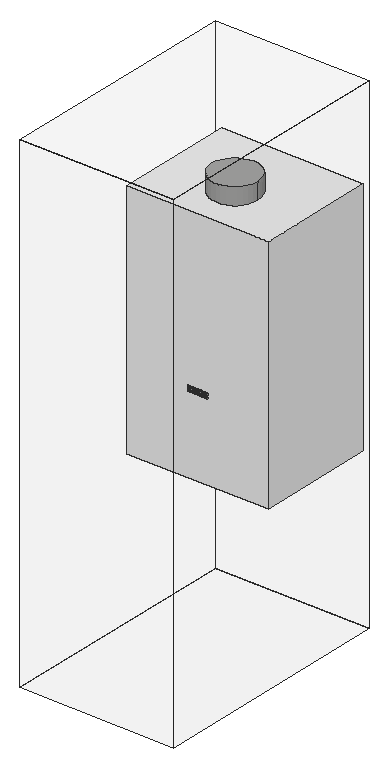
Revit family "Sirius_two_WH_60kW_LOD-3", category Mechanical Equipment, Revit 2014
Parameters (values of type "60kW")
  Weekly = "0"
  Water Treatment Required = yes
  Water Content = 5.0 L
  Warranty ID = "See manufacturers website for warranty options and T&C's"
  Voltage = 230 V
  Uniclass2015 = "Pr_60_60_08"
  URL = ""
  Type = ""
  Turndown Ratio = "9:1"
  Supply Phase = 1
  Starting Current = 0 A
  Sound Pressure Level = "59 dBA"
  Shipping Weight = 50.00 kg
  Shape = "Rectangular (Vertical)"
  Safety Valve Connection Type = "Threaded"
  Safety Valve Connection Size = 12.7 mm
  Responsible Sourcing of Materials = "0"
  Responsible Extraction of Materials = "0"
  Reference Standard = "ISO 9001; ISO 14001"
  Rated Output = 55000 W
  Rated Criteria = "80/60"
  Quarterly = "0"
  Product Range = "Sirius two WH (60kW)"
  Product Model Number = "5138529"
  Product Literature = "http://www.pottertoncommercial.co.uk/products/stainless-steel/sirius-two-wh.htm"
  Primary Fuel = "Gas - NG"
  Overall Width = 450 mm
  Overall Length = 377 mm
  Overall Height = 763 mm
  Optional Fuel = "Gas - LPG"
  Operation and Maintenance Manual = "http://www.pottertoncommercial.co.uk/products/stainless-steel/sirius-two-wh.htm"
  Oil Consumption rate = 0
  Nominal Oil Inlet Pressure = 0.0 bar
  Nominal Gas Inlet Pressure = 0.02 bar
  NOx Emissions = "31 mg/kWh"
  Mounting = "Wall Mounted"
  Monthly = "0"
  Model = "SIRIUS two WH50"  # constant formula
  Minimum Power Consumption = 20 W
  Minimum Operating Pressure = 1.0 bar
  Minimum Oil Inlet Pressure = 0.0 bar
  Minimum Gas Inlet Pressure = 0.018 bar
  Minimum Flow Rate at 20C temperature differential = 0.660 L/s
  Minimum Flow Rate at 11C temperature differential = 0.880 L/s
  Maximum Power Consumption = 95 W
  Maximum Operating Pressure = 4.0 bar
  Maximum Oil Inlet Pressure = 0.0 bar
  Maximum Gas Inlet Pressure = 0.0 bar
  Material Ingredient Reporting = "0"
  Manufacturer Website = "http://www.pottertoncommercial.co.uk/index.htm"
  Manufacturer = "Potterton Commercial"  # constant formula
  Maintenance Required 8001 to 12000hrs = "0"
  Maintenance Required 601 to 1000hrs = "0"
  Maintenance Required 4001 to 8000hrs = "0"
  Maintenance Required 301 to 600hrs = "0"
  Maintenance Required 2001 to 4000hrs = "0"
  Maintenance Required 1001 to 2000hrs = "0"
  Maintenance Required 0 to 300hrs = "0"
  Location of Manufacturer = "0"
  Life Cycle Analysis = "0"
  Interlocks = yes
  IfcExportType = "NOTDEFINED"  # constant formula
  IfcExportAs = "IfcBoilerType"  # constant formula
  IP Rating = "IPX5D"
  IK Rating = "0"
  Hydraulic Resistance at 20C temperature differential = 0.055 bar
  Hydraulic Resistance at 11C temperature differential = 0.092 bar
  Heater Operation = "Condensing"
  Heat Exchanger Material = "Stainless Steel"
  Gross Weight = 40.00 kg
  Green Guide for Specification = "0"
  Gas Consumption rate = "5.98 m3/h"
  Fuse Rating = 0 A
  Full Load Current = 0 A
  Fuel Connection Type = "Threaded"
  Fuel Connection Size = 483.87 mm
  Frequency = 50 Hz
  Flue or Air Intake Classification = "C13; C33; B23"
  Flue Connection size = 80 mm
  Flow and Return Connection Type = "Threaded"
  Flow and Return Connection Size = 645.16 mm
  Finish = "Powder coated"
  Features = "Wall hung boiler, stainless steel heat exchanger, 9:1 modulation, integral pump option"
  External Material = "Steel"
  Expected Life = ">10 years"
  ErP Seasonal Efficiency = "92 %"
  ErP Rated Efficiency at Part Load = "96.8 %"
  ErP Rated Efficiency at Full Load = "87.6 %"
  ErP Energy Label = "A"
  Environmental Product Declaration = "0"
  Energy Technology List = "https://etl.decc.gov.uk/engetl/fox/live/ETL_PUBLIC_PRODUCT_SEARCH/product?PROD_ID=72394"
  Embodied Carbon = "0"
  Drain Connection Type = "Plain"
  Drain Connection Size = 0 mm
  Description = ""
  Daily = "0"
  Control Type = "Optimised, modulating, weather compensating, BMS compatible"
  Configuration = "Single boiler"
  Condensate Drain Type = "Plain"
  Condensate Drain Size = 22 mm
  Colour = "White"
  Clearance Box Visibility [instance] = yes
  CE Mark = "CE-0085CM0128"
  Burner Control Type = "Modulating"
  Building Regulations Seasonal Efficiency = "96.4 %"
  Bespoke Timeframe = "0"
  BMS Links = yes
  Annually = "Annual service according to manufacturers guidance."
  Air Inlet Connection Size = 125 mm
  Additional Technical Details = "http://www.pottertoncommercial.co.uk/products/stainless-steel/sirius-two-wh.htm"
  Access Clearance Top = 300 mm
  Access Clearance Right = 20 mm
  Access Clearance Rear = 0 mm
  Access Clearance Left = 20 mm
  Access Clearance Front = 400 mm
  Access Clearance Bottom = 500 mm
  6 Monthly = "0"
Reference planes
  plane 1 "Center (Front/Back)": y = 0
  plane 2: z = 0
  plane 3 "Center (Left/Right)": x = 0
Forms (mm)
  Extrusion 1, solid, material "Potterton Sirius WH - Cover"
    sketch origin (0, 0, 0) x (1, 0, 0) y (0, 1, 0)
      loop
        line (-225, 0) -> (-225, -377) -> (225, -377) -> (225, 0) -> (217, 0) -> (217, -347) -> (-217, -347) -> (-217, 0) -> (-225, 0)
    from 0 to 763
  Extrusion 2, solid, material "Potterton Sirius FS - Logo"
    sketch origin (-369.668, -376.852, 160.982) x (1, 0, 0) y (0, 0, 1)
      loop
        arc (342.971, 100.811) -> (344.366, 99.416) -> (342.971, 98.02) r 1.395
        line (342.971, 98.02) -> (339.501, 98.02) -> (339.501, 93.964) -> (341.208, 93.964) -> (341.208, 96.293) -> (342.971, 96.293)
        arc (342.971, 96.293) -> (344.738, 96.848) -> (345.87, 98.315) r 3.088
        arc (345.87, 98.315) -> (351.536, 94.006) -> (353.627, 100.811) r 4.341
        line (353.627, 100.811) -> (355.933, 100.811) -> (355.933, 93.964) -> (357.701, 93.964) -> (357.701, 100.811) -> (361.06, 100.811) -> (361.06, 93.964) -> (362.813, 93.964) -> (362.813, 100.811) -> (366.054, 100.811) -> (366.054, 93.964) -> (372.032, 93.964) -> (372.032, 95.63) -> (367.807, 95.63) -> (367.807, 97.433) -> (371.262, 97.433)
        arc (371.262, 97.433) -> (372.08, 98.251) -> (371.262, 99.069) r 0.818
        line (371.262, 99.069) -> (367.807, 99.069) -> (367.807, 100.811) -> (375.58, 100.811)
        arc (375.58, 100.811) -> (376.451, 99.94) -> (375.58, 99.069) r 0.871
        line (375.58, 99.069) -> (373.302, 99.069)
        arc (373.302, 99.069) -> (372.52, 98.49) -> (372.845, 97.573) r 0.818
        line (372.845, 97.573) -> (381.32, 91.867)
        arc (381.32, 91.867) -> (382.144, 91.832) -> (382.566, 92.541) r 0.805
        line (382.566, 92.541) -> (382.566, 100.811) -> (385.072, 100.811)
        arc (385.072, 100.811) -> (386.619, 94.222) -> (392.72, 97.151) r 4.341
        line (392.72, 97.151) -> (392.72, 93.964) -> (394.487, 93.964) -> (394.487, 99.069) -> (398.739, 94.236)
        arc (398.739, 94.236) -> (399.755, 93.983) -> (400.351, 94.844) r 0.921
        line (400.351, 94.844) -> (400.351, 101.682)
        arc (400.351, 101.682) -> (399.452, 102.581) -> (398.554, 101.682) r 0.899
        line (398.554, 101.682) -> (398.554, 97.165) -> (394.162, 102.301)
        arc (394.162, 102.301) -> (393.255, 102.537) -> (392.72, 101.768) r 0.819
        line (392.72, 101.768) -> (392.72, 99.124)
        arc (392.72, 99.124) -> (391.302, 101.447) -> (388.78, 102.469) r 4.341
        line (388.78, 102.469) -> (379.034, 102.469)
        arc (379.034, 102.469) -> (378.205, 101.64) -> (379.034, 100.811) r 0.829
        line (379.034, 100.811) -> (380.772, 100.811) -> (380.772, 94.179) -> (375.58, 97.707)
        arc (375.58, 97.707) -> (377.961, 100.088) -> (375.58, 102.469) r 2.381
        line (375.58, 102.469) -> (353.905, 102.469)
        arc (353.905, 102.469) -> (353.223, 102.111) -> (353.129, 101.347) r 0.829
        arc (353.129, 101.347) -> (349.064, 102.325) -> (346.059, 99.418) r 4.341
        arc (346.059, 99.418) -> (345.142, 101.577) -> (342.971, 102.469) r 3.088
        line (342.971, 102.469) -> (339.417, 102.469)
        arc (339.417, 102.469) -> (338.587, 101.64) -> (339.417, 100.811) r 0.829
        line (339.417, 100.811) -> (342.971, 100.811)
      loop
        line (384.051, 92.773) -> (384.051, 91.973) -> (400.157, 91.973) -> (400.157, 92.773) -> (384.051, 92.773)
      loop
        line (339.501, 92.773) -> (339.501, 91.973) -> (378.488, 91.973) -> (378.488, 92.773) -> (339.501, 92.773)
      loop
        arc (340.058, 88.937) -> (338.522, 87.401) -> (340.058, 85.864) r 1.537
        line (340.058, 85.864) -> (399.258, 85.864)
        arc (399.258, 85.864) -> (400.795, 87.401) -> (399.258, 88.937) r 1.537
        line (399.258, 88.937) -> (340.058, 88.937)
      loop
        circle (350.207, 98.138) r 2.591
      loop
        circle (342.971, 99.416) r 0.875
      loop
        circle (388.493, 98.138) r 2.591
    from 0.148 to 1
  Sweep 3, solid
    path origin (0, 0, -3) x (1, 0, 0) y (0, 0, 1)
      loop
        line (0, 766) -> (0, 819)
    profile origin (0, 0, 789.5) x (-1, 0, 0) y (0, -1, 0)
      loop
        circle (0, 229) r 73.5
  Extrusion 4, solid, material "Potterton Sirius WH - Cover"
    sketch origin (0, 0, 0) x (1, 0, 0) y (0, 1, 0)
      loop
        line (-217, 0) -> (-217, -347) -> (217, -347) -> (217, 0) -> (-217, 0)
    from 55 to 763
  Sweep 5, solid
    path origin (0, 0, 0) x (1, 0, 0) y (0, 0, 1)
      loop
        line (0, 55) -> (0, 7)
    profile origin (0, 0, 31) x (0, -1, 0) y (1, 0, 0)
      loop
        circle (95, 102) r 12.7
      loop
        circle (95, 2) r 12.7
      loop
        circle (95, -98) r 9.525
      loop
        circle (67, -177) r 11
  Extrusion 6, solid, material "Glass - Clear - Amber", visible <- "Clearance Box Visibility"
    sketch origin (0, 0, 0) x (1, 0, 0) y (0, 1, 0)
      loop
        line (-245, 0) -> (-245, -777) -> (245, -777) -> (245, 0) -> (-245, 0)
    from -500 to 1063
Cuts and joins
  joined: Extrusion 1, Extrusion 4
Dimensions and locks
  locked: Sweep 3 sketch curve to profile plane at 229
  locked: Sweep 5 sketch curve to cut or joined group of Extrusion 1, Extrusion 4 at 123
  locked: Sweep 5 sketch curve to plane 1 "Center (Front/Back)" at 95
  locked: Sweep 5 sketch curve to Sweep 5 sketch curve at 100  (x2)
  locked: Sweep 5 sketch curve to plane 1 "Center (Front/Back)" at 67
  locked: cut or joined group of Extrusion 1, Extrusion 4 to Sweep 5 sketch curve at 48
  aligned and locked: level to plane 2
  aligned and locked: plane 1 "Center (Front/Back)" to Extrusion 1 sketch curve
  aligned and locked: Extrusion 1 to level
  aligned and locked: profile plane to Sweep 3 sketch curve
  aligned and locked: Extrusion 4 sketch curve to cut or joined group of Extrusion 1, Extrusion 4  (x3)
  aligned and locked: Sweep 5 sketch curve to cut or joined group of Extrusion 1, Extrusion 4
  aligned and locked: Sweep 5 sketch curve to plane 3 "Center (Left/Right)"
  aligned and locked: plane 1 "Center (Front/Back)" to Extrusion 6 sketch curve
Connectors
  piping at (2, -95, 7), diameter 25.4
    settings: on Sweep 5, index 1, connector inside diameter 609.6 mm, connector length 0 mm, flow factor 0, pipe flow 0.000 L/s, pressure drop 0.0 bar, fitting loss kfactor 0, connector angle 0.00°, fixture units 0, engagement length 0 mm, angle of deflection 0.00°, flow configuration 1, flow direction 2, fitting loss method 0, system type 7, joint type 0, gender type 0, connector reference index -1, connector utility 0, adjustable connector no, is connector primary yes, connector description "Supply"
  piping at (102, -95, 7), diameter 25.4
    settings: on Sweep 5, index 2, connector inside diameter 609.6 mm, connector length 0 mm, flow factor 0, pipe flow 0.000 L/s, pressure drop 0.0 bar, fitting loss kfactor 0, connector angle 0.00°, fixture units 0, engagement length 0 mm, angle of deflection 0.00°, flow configuration 0, flow direction 1, fitting loss method 0, system type 8, joint type 0, gender type 0, connector reference index -1, connector utility 0, adjustable connector no, is connector primary no, connector description "Return"
  piping at (-98, -95, 7), diameter 19.1
    settings: on Sweep 5, index 3, connector inside diameter 609.6 mm, connector length 0 mm, flow factor 0, pipe flow 0.000 L/s, pressure drop 0.0 bar, fitting loss kfactor 0, connector angle 0.00°, fixture units 0, engagement length 0 mm, angle of deflection 0.00°, flow configuration 1, flow direction 1, fitting loss method 0, system type 22, joint type 0, gender type 0, connector reference index -1, connector utility 0, adjustable connector no, is connector primary no, connector description "Gas"
  piping at (-177, -67, 7), diameter 22
    settings: on Sweep 5, index 4, connector inside diameter 609.6 mm, connector length 0 mm, flow factor 0, pipe flow 0.000 L/s, pressure drop 0.0 bar, fitting loss kfactor 0, connector angle 0.00°, fixture units 0, engagement length 0 mm, angle of deflection 0.00°, flow configuration 1, flow direction 2, fitting loss method 0, system type 22, joint type 0, gender type 0, connector reference index -1, connector utility 0, adjustable connector no, is connector primary no, connector description "Drain"
  hvac at (0, -229, 816)
    settings: on Sweep 3, index 6, duct flow 0.0 m³/h, flow factor 0, pres drop 0.0 bar, loss coef 0, conn angle 0.00°, conn width 304.8 mm, conn height 304.8 mm, conn diameter 125 mm, duct sys type 3, conn prof type 0, flow config 1, flow direction 2, loss method 0, conn ref index -1, conn util no, is conn primary yes, conn desc "Flue"
